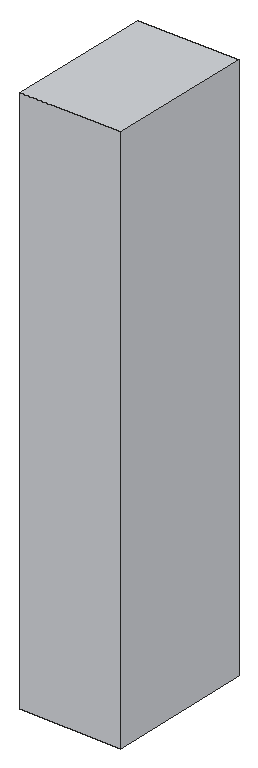
Revit family "Kinzo -300 - Matt Nickel_", category Lighting Fixtures, host Wall, Revit 2018
Family settings
  Host = Wall
  Round Connector Dimension = Use Diameter
  Part Type = Normal
  OmniClass Number = 23.80.70.00
  OmniClass Title = Lighting
  Always vertical = Yes
  Cut with Voids When Loaded = No
  Light Source = Yes
  Shared = No
  Room Calculation Point = No
Parameters (values of type "CE")
  Wattage = 11.7 W
  built-in parameter 1150110 = 1 (stored number, unit not read)
  URL = "www.astrolighting.com"
  built-in parameter 1114217 = 1 (stored number, unit not read)
  Tilt Angle = 0.00°
  built-in parameter 1150109 = 1 (stored number, unit not read)
  built-in parameter 1150134 = (empty or 0)
  built-in parameter 1150113 = 1 (stored number, unit not read)
  Photometric Web File = "GNC-20318 Kinzo 300 - Matt Nickel - white.ies"
  built-in parameter 1150105 = 22.345 (stored number, unit not read)
  Lumens = 280.8 lm
  built-in parameter 1150115 = 1 (stored number, unit not read)
  built-in parameter 1150137 = (empty or 0)
  built-in parameter 1150139 = (empty or 0)
  built-in parameter 1150112 = 1 (stored number, unit not read)
  built-in parameter 1150114 = 1 (stored number, unit not read)
  built-in parameter 1150132 = (empty or 0)
  built-in parameter 1150102 = (empty or 0)
  built-in parameter 1150107 = 2700 (stored number, unit not read)
  built-in parameter 1150138 = (empty or 0)
  built-in parameter 1150106 = 0.22345 (stored number, unit not read)
  built-in parameter 1150104 = 2.2297 (stored number, unit not read)
  Dimming Lamp Color Temperature Shift = <None>
  Color Filter = 16777215
  built-in parameter 1114218 = 1 (stored number, unit not read)
  built-in parameter 1150133 = 10 (stored number, unit not read)
  ADA compliant = "Yes"
  Product SKU = 1398011
  Product Name = "Kinzo 300"
  Product Location = "Indoor"
  Product Code = 8173
  Power (Watts) = "11.7"
  Manufacturer = "Astro Lighting Ltd"
  Main Material = "Metal - Alu"
  Main Finish = "Matt Nickel"
  Light Source Fixed = "Yes"
  Length of Cable Supplied = "Not supplied"
  Lamp = "LED"
  Location rating = "IP20"
  Electrical Class = 1
  Efficacy (lm/w) = "24"
  Driver Required = "No"
  Driver Included = "Integral"
  Dimming Method = "Phase Dimming"
  Dimmable = "Yes"
Types (2, lengths in mm): name | Wattage | Tilt Angle | built-in parameter 1150134 | Photometric Web File | built-in parameter 1150105 | Lumens | built-in parameter 1150107 | built-in parameter 1150106 | built-in parameter 1150104 | ADA compliant | Product SKU | Product Name | Product Location | Product Code | Power (Watts) | Main Material | Main Finish | Light Source Fixed | Length of Cable Supplied | Lamp | Location rating | Electrical Class | Efficacy (lm/w) | Driver Included | Dimming Method | Dimmable
  CE | 11.7 W | 0.00° | (empty or 0) | "GNC-20318 Kinzo 300 - Matt Nickel - white.ies" | 22.345 (stored number, unit not read) | 280.8 lm | 2700 (stored number, unit not read) | 0.22345 (stored number, unit not read) | 2.2297 (stored number, unit not read) | "Yes" | 1398011 | "Kinzo 300" | "Indoor" | 8173 | "11.7" | "Metal - Alu" | "Matt Nickel" | "Yes" | "Not supplied" | "LED" | "IP20" | 1 | "24" | "Integral" | "Phase Dimming" | "Yes"
  ETL | 9.2903 W | 60.00° | 3 | "generic" | 109.82 (stored number, unit not read) | 1380 lm | 3200 (stored number, unit not read) | 1.0982 (stored number, unit not read) | 13.8 (stored number, unit not read) | "NO" | 1234001 | "" | "Bathroom" | 1234 | "" | "Metal - Steel" | "" | "" | "" | 0 | "DAMP" | 0 | "" | "" | "" | ""
Reference planes
  plane 1: y = 0
  plane 2 "Light Source Axis (L/R)": x = 125
  plane 3 "Light Source Axis (F/R)": y = 150
  plane 4 "Light Source Elevation": z = 1800
Forms (mm)
  Extrusion 1, solid
    sketch origin (125, 0, 49.177) x (0, 1, 0) y (0, 0, 1)
      loop
        line (0, 420) -> (0, 120) -> (80, 120) -> (80, 420) -> (0, 420)
    from -27.5 to 27.5
Text (mm)
  text "Placement side" at (-1787.139, 1116.779, 0), in view "Ref. Level"
  text "Placement side" at (0, 2110.396, 2986.058), in view "Left"
  text "Placement side" at (0, 628.478, 3011.967), in view "Right"
Dimensions and locks
  locked: host wall to plane 1 at 75
